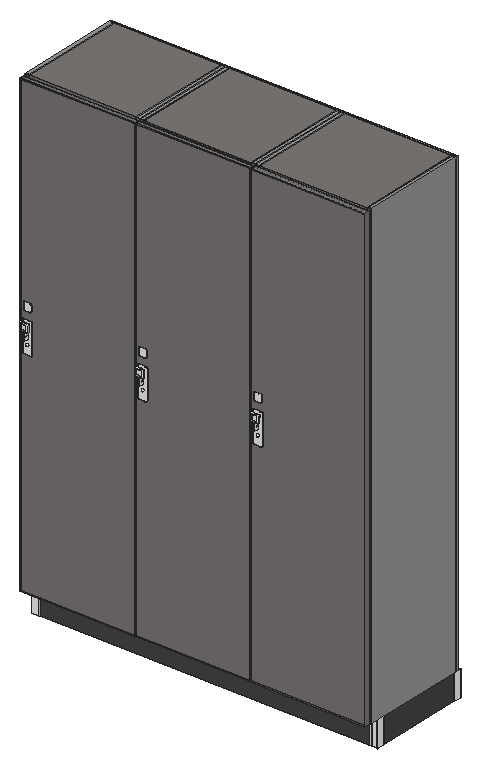
Revit family "Wood_Lockers_Hasps-Salsbury_Industries-18_41000_Series-3_Wide_Units", category Specialty Equipment, Revit 2026
Family settings
  Round Connector Dimension = Use Diameter
  Part Type = Normal
  Classification Number = 23.40.00.00
  Work Plane-Based = No
  Enable Cutting in Views = No
  Always vertical = Yes
  Cut with Voids When Loaded = No
  Maintain Annotation Orientation = No
  Shared = No
  Room Calculation Point = No
Parameters (values of type "18-41368")
  Width = 54.000"
  Version = "1.0 (01/31/24)"
  Unit Height including Sloping Hood Only [instance] = 78.868"
  Unit Height including Base Only [instance] = 76.000"
  URL = "www.lockers.com"
  Type Comments = "Premier Wood Lockers - Single Tier - with Hasps"
  Total Doors Height [instance] = if(Unit Height = 72.000", 71.750", if(Unit Height = 60.000", 59.750", 0.000"))  # 71.750"
  Sloping Top Corner Filler - Right Side [instance] = Wood Locker Sloping Corner Fillers : None
  Sloping Top Corner Filler - Left Side [instance] = Wood Locker Sloping Corner Fillers : None
  Sloping In-Line Filler - Right Side [instance] = Wood Locker Sloping In-Line Fillers : None
  Sloping In-Line Filler - Left Side = Wood Locker Sloping In-Line Fillers : None
  Sloping Hood Height = if(Depth = 15.000", 5.743", if(Depth = 18.000", 6.868", if(Depth = 21.000", 7.993", if(Depth = 24.000", 9.118", 0.000"))))  # 6.868"
  Sloping Hood [instance] = Wood Locker Sloping Hoods : None
  Side Panel without Slope - Right Side [instance] = Wood Locker Side Panels-No Slope : None
  Side Panel without Slope - Left Side [instance] = Wood Locker Side Panels-No Slope : None
  Side Panel with Slope - Right Side [instance] = Wood Locker Side Panels-With Slope : None
  Side Panel with Slope - Left Side [instance] = Wood Locker Side Panels-With Slope : None
  Secondary Structure Materials = Particle Board Industrial Grade - Salsbury Finish - Black Melamine Overlay
  Primary Structure Materials = Particle Board Industrial Grade - Salsbury Finish - Plain
  Overall Unit Height including Base and Sloping Hood [instance] = 82.868"
  OmniClass 23 Title = "Equipment and Furnishings"
  OmniClass 23 Number = "23.40.00.00"
  Model = "18-41368"
  MasterFormat Title = "Lockers"
  MasterFormat Code = "10 51 23"
  Manufacturer = "Salsbury Industries"
  Laminate Surface [instance] = Industrial Grade Particleboard with Wood Laminate - Salsbury Finish - Skyline Walnut
  Unit Height = 72.000"
  Interior Material = Textured Melamine - Salsbury Finish - White
  Individual Door Width [instance] = 17.875"
  Hardware = Aluminum - Salsbury Finish - Black Satin
  Front Vertical Filler - Right Side [instance] = Wood Locker Front Fillers : None
  Front Vertical Filler - Left Side [instance] = Wood Locker Front Fillers : None
  Front Corner Filler - Right Side [instance] = Wood Locker Front Corner Filler : None
  Front Corner Filler - Left Side [instance] = Wood Locker Front Corner Filler : None
  Flat Top In-Line Filler - Right Side [instance] = Wood Locker Flat In-Line Fillers : None
  Flat Top In-Line Filler - Left Side [instance] = Wood Locker Flat In-Line Fillers : None
  Flat Top Corner Filler - Right Side [instance] = Wood Locker Flat Corner Fillers : None
  Flat Top Corner Filler - Left Side [instance] = Wood Locker Flat Corner Fillers : None
  Fascia Filler [instance] = Wood Locker Fascia Fillers : None
  Double Side Panel without Slope - Right Side [instance] = Wood Locker Double Side Panels-No Slope : None
  Double Side Panel without Slope - Left Side [instance] = Wood Locker Double Side Panels-No Slope : None
  Double Side Panel with Slope - Right Side [instance] = Wood Locker Double Side Panels-With Slope : None
  Double Side Panel with Slope - Left Side [instance] = Wood Locker Double Side Panels-With Slope : None
  Door Location D1 = Premier Locker Doors_Hasp : Single Tier Door for Six Foot High Locker
  Description = "3 Wide - 6 Feet High - 18 inches Deep - with Base"
  Depth = 18.000"
  Default Elevation = 0.000"
  Compartment Width [instance] = 16.750"
  Compartment Height [instance] = if(Unit Height = 72.000", 70.500", if(Unit Height = 60.000", 58.500", 0.000"))  # 70.500"
  Compartment Depth [instance] = 16.750"
  Base Material [instance] = Particle Board Industrial Grade - Salsbury Finish - Black Melamine Overlay
  Base Height = 4.000"
  Base Depth [instance] = 16.250"
  Base = Wood Locker Bases : Base - 54" W x 18" D Lockers
  Assembly Code = "C1030310"
Reference planes (in)
  plane 1 "Center (Front/Back)": y = 0
  plane 2: z = 0
  plane 3 "Center (Left/Right)": x = 0
  plane 4 "Right Side of Unit": x = 27
  plane 5 "Left Side of Unit": x = -27
  plane 6 "Back of Unit": y = 9
  plane 7 "Front of Unit": y = -9
  plane 8 "Bottom of Base": z = 0
  plane 9 "Top Edge of Unit": z = 76
  plane 10 "Top of Base Edge": z = 4
  plane 11: z = 82.868
  plane 12 "Right Compartment 3 Edge": x = 26.406
  plane 13 "Left Compartment 1 Edge": x = -26.406
  plane 14 "Front Melamine Edge": y = -8
  plane 15 "Back Compartment Edge": y = 8.781
  plane 16 "Front Compartment Edge": y = -7.969
  plane 17 "Front Edge of Base": y = -6.625
  plane 18 "Bottom Edge of Door": z = 4.125
  plane 19 "Top Edge of Door": z = 75.875
  plane 20 "Bottom Compartment Edge": z = 4.75
  plane 21 "Top Compartment Edge": z = 75.25
  plane 22 "Center Top and Bottom": z = 40
  plane 23 "Left Melamine 1 Edge": x = -26.375
  plane 24 "Right Melamine 3 Edge": x = 26.375
  plane 25 "Back Melamine Edge": y = 8.75
  plane 26 "Left Edge of Door": x = -26.875
  plane 27: y = 9.625
  plane 28: y = -7.25
  plane 29 "Base / Ventillation Alignment": y = 9.625
  plane 30 "Compartment 1-2 Dividing Line": x = -9
  plane 31 "Compartment 2-3 Dividing Line": x = 9
  plane 32 "Right Compartment 1 Edge": x = -9.594
  plane 33 "Right Melamine 1 Edge": x = -9.625
  plane 34 "Left Compartment 2 Edge": x = -8.406
  plane 35 "Left Melamine 2 Edge": x = -8.375
  plane 36 "Right Compartment 2 Edge": x = 8.406
  plane 37 "Right Melamine 2 Edge": x = 8.375
  plane 38 "Left Compartment 3 Edge": x = 9.594
  plane 39 "Left Melamine 3 Edge": x = 9.625
  plane 40 "Compartment Shelf-top": z = 64.125
  plane 41 "Compartment Shelf-bottom": z = 63.375
  plane 42 "Compartment Extrusion Guide": z = 3.5
  plane 43 "Vertical Center of Compartment 1": x = -18
  plane 44 "Vertical Center of Compartment 3": x = 18
  plane 45: z = 75.281
  plane 46: z = 4.719
  plane 47: z = 63.406
  plane 48: z = 64.094
  plane 49 "Top of 5" Shelf": z = 58.875
  plane 50 "Bottom of 5" Shelf": z = 58.125
  plane 51 "Top of Shoe Shelf": z = 13.75
  plane 52 "Bottom of Shoe Shelf": z = 13
  plane 53 "Front of 5" Shelf": y = 3.75
  plane 54: y = 3.781
  plane 55: z = 58.844
  plane 56: z = 58.156
  plane 57: y = -2.969
  plane 58 "Front of Shoe Shelf": y = -3
Forms (in)
  Extrusion 1, solid, material "Particle Board Industrial Grade - Salsbury Finish - Plain" <- "Primary Structure Materials"
    sketch origin (27, 0, 0) x (0, -1, 0) y (0, 0, 1)
      loop
        line (7.969, 76) -> (-8.75, 76) -> (-8.75, 4) -> (7.969, 4) -> (7.969, 76)
    from 0 to 0.594
  Extrusion 2, solid, material "Particle Board Industrial Grade - Salsbury Finish - Plain" <- "Primary Structure Materials"
    sketch origin (-27, 0, 0) x (0, -1, 0) y (0, 0, 1)
      loop
        line (-8.75, 76) -> (-8.75, 4) -> (7.969, 4) -> (7.969, 76) -> (-8.75, 76)
    from 0 to -0.594
  Extrusion 3, solid, material "Particle Board Industrial Grade - Salsbury Finish - Black Melamine Overlay" <- "Secondary Structure Materials"
    sketch origin (0, 0, 4) x (0, -1, 0) y (1, 0, 0)
      loop
        line (-8.75, -26.375) -> (7.969, -26.375) -> (7.969, 26.375) -> (-8.75, 26.375) -> (-8.75, -26.375)
    from 0 to 0.719
  Extrusion 4, solid, material "Industrial Grade Particleboard with Wood Laminate - Salsbury Finish - Skyline Walnut" <- "Laminate Surface"
    sketch origin (0, 0, 76) x (0, -1, 0) y (1, 0, 0)
      loop
        line (-8.75, -26.375) -> (7.969, -26.375) -> (7.969, 26.375) -> (-8.75, 26.375) -> (-8.75, -26.375)
    from 0 to -0.75
  Extrusion 5, solid, material "Particle Board Industrial Grade - Salsbury Finish - Plain" <- "Primary Structure Materials"
    sketch origin (0, 9, 0) x (1, 0, 0) y (0, 0, 1)
      loop
        line (-27, 76) -> (-27, 4) -> (27, 4) -> (27, 76) -> (-27, 76)
    from 0 to 0.219
  Extrusion 6, solid, material "Industrial Grade Particleboard with Wood Laminate - Salsbury Finish - Skyline Walnut" <- "Laminate Surface"
    sketch origin (0, -7.969, 0) x (1, 0, 0) y (0, 0, 1)
      loop
        line (-27, 76) -> (-27, 4) -> (-26.375, 4) -> (-26.375, 76) -> (-27, 76)
    from 0 to 0.031
  Extrusion 7, solid, material "Industrial Grade Particleboard with Wood Laminate - Salsbury Finish - Skyline Walnut" <- "Laminate Surface"
    sketch origin (0, -7.969, 0) x (-1, 0, 0) y (0, 0, -1)
      loop
        line (-27, -76) -> (-26.375, -76) -> (-26.375, -4) -> (-27, -4) -> (-27, -76)
    from 0 to 0.031
  Extrusion 8, solid, material "Textured Melamine - Salsbury Finish - White" <- "Interior Material"
    sketch origin (0, 8.75, 0) x (1, 0, 0) y (0, 0, 1)
      loop
        line (-27, 76) -> (-27, 4) -> (27, 4) -> (27, 76) -> (-27, 76)
    from -0.031 to 0
  Extrusion 9, solid, material "Textured Melamine - Salsbury Finish - White" <- "Interior Material"
    sketch origin (-26.406, 0, 0) x (0, -1, 0) y (0, 0, 1)
      loop
        line (-8.75, 76) -> (-8.75, 4) -> (7.969, 4) -> (7.969, 76) -> (-8.75, 76)
    from 0 to -0.031
  Extrusion 10, solid, material "Textured Melamine - Salsbury Finish - White" <- "Interior Material"
    sketch origin (26.406, 0, 0) x (0, -1, 0) y (0, 0, 1)
      loop
        line (7.969, 76) -> (-8.75, 76) -> (-8.75, 4) -> (7.969, 4) -> (7.969, 76)
    from 0 to 0.031
  Extrusion 11, solid, material "Particle Board Industrial Grade - Salsbury Finish - Plain" <- "Primary Structure Materials", detail levels fine
    sketch origin (0, 0, 64.125) x (0, -1, 0) y (1, 0, 0)
      loop
        line (-8.75, -26.375) -> (7.969, -26.375) -> (7.969, 26.375) -> (-8.75, 26.375) -> (-8.75, -26.375)
    from -0.031 to -0.719
  Extrusion 12, void
    sketch origin (0, 0, 76) x (0, -1, 0) y (1, 0, 0)
      loop
        line (-8.75, -9.625) -> (8, -9.625) -> (8, -8.375) -> (-8.75, -8.375) -> (-8.75, -9.625)
    from -72.5 to 0
  Extrusion 13, void
    sketch origin (12, 0, 76) x (0, -1, 0) y (1, 0, 0)
      loop
        line (-8.75, -3.625) -> (8, -3.625) -> (8, -2.375) -> (-8.75, -2.375) -> (-8.75, -3.625)
    from -72.5 to 0
  Extrusion 14, solid, material "Particle Board Industrial Grade - Salsbury Finish - Plain" <- "Primary Structure Materials"
    sketch origin (6.0625, 0, 0) x (0, -1, 0) y (0, 0, 1)
      loop
        line (7.969, 76) -> (-8.75, 76) -> (-8.75, 4) -> (7.969, 4) -> (7.969, 76)
    from -2.9375 to -2.3435
  Extrusion 15, solid, material "Textured Melamine - Salsbury Finish - White" <- "Interior Material"
    sketch origin (5.4685, 0, 0) x (0, -1, 0) y (0, 0, 1)
      loop
        line (7.969, 76) -> (-8.75, 76) -> (-8.75, 4) -> (7.969, 4) -> (7.969, 76)
    from -2.9375 to -2.9065
  Extrusion 16, solid, material "Particle Board Industrial Grade - Salsbury Finish - Plain" <- "Primary Structure Materials"
    sketch origin (-5.9375, 0, 0) x (0, -1, 0) y (0, 0, 1)
      loop
        line (7.969, 76) -> (-8.75, 76) -> (-8.75, 4) -> (7.969, 4) -> (7.969, 76)
    from 3.0625 to 3.6565
  Extrusion 17, solid, material "Textured Melamine - Salsbury Finish - White" <- "Interior Material"
    sketch origin (-6.5315, 0, 0) x (0, -1, 0) y (0, 0, 1)
      loop
        line (7.969, 76) -> (-8.75, 76) -> (-8.75, 4) -> (7.969, 4) -> (7.969, 76)
    from 3.0625 to 3.0935
  Extrusion 18, solid, material "Particle Board Industrial Grade - Salsbury Finish - Plain" <- "Primary Structure Materials"
    sketch origin (-5.9375, 0, 0) x (0, -1, 0) y (0, 0, 1)
      loop
        line (-8.75, 76) -> (-8.75, 4) -> (7.969, 4) -> (7.969, 76) -> (-8.75, 76)
    from 3.0625 to 2.4685
  Extrusion 19, solid, material "Textured Melamine - Salsbury Finish - White" <- "Interior Material"
    sketch origin (-5.3435, 0, 0) x (0, -1, 0) y (0, 0, 1)
      loop
        line (-8.75, 76) -> (-8.75, 4) -> (7.969, 4) -> (7.969, 76) -> (-8.75, 76)
    from 3.0625 to 3.0315
  Extrusion 20, solid, material "Particle Board Industrial Grade - Salsbury Finish - Plain" <- "Primary Structure Materials"
    sketch origin (6.0625, 0, 0) x (0, -1, 0) y (0, 0, 1)
      loop
        line (-8.75, 76) -> (-8.75, 4) -> (7.969, 4) -> (7.969, 76) -> (-8.75, 76)
    from -2.9375 to -3.5315
  Extrusion 21, solid, material "Textured Melamine - Salsbury Finish - White" <- "Interior Material"
    sketch origin (6.6565, 0, 0) x (0, -1, 0) y (0, 0, 1)
      loop
        line (-8.75, 76) -> (-8.75, 4) -> (7.969, 4) -> (7.969, 76) -> (-8.75, 76)
    from -2.9375 to -2.9685
  Extrusion 22, solid, material "Industrial Grade Particleboard with Wood Laminate - Salsbury Finish - Skyline Walnut" <- "Laminate Surface"
    sketch origin (11.375, -7.969, 0) x (1, 0, 0) y (0, 0, 1)
      loop
        line (-21, 76) -> (-21, 4) -> (-19.75, 4) -> (-19.75, 76) -> (-21, 76)
    from 0 to 0.031
  Extrusion 23, solid, material "Industrial Grade Particleboard with Wood Laminate - Salsbury Finish - Skyline Walnut" <- "Laminate Surface"
    sketch origin (23.375, -7.969, 0) x (1, 0, 0) y (0, 0, 1)
      loop
        line (-15, 76) -> (-15, 4) -> (-13.75, 4) -> (-13.75, 76) -> (-15, 76)
    from 0 to 0.031
  Extrusion 24, solid, material "Industrial Grade Particleboard with Wood Laminate - Salsbury Finish - Skyline Walnut" <- "Laminate Surface"
    sketch origin (0, -8, 0) x (1, 0, 0) y (0, 0, 1)
      loop
        line (-26.375, 76) -> (-26.375, 75.25) -> (-9.625, 75.25) -> (-9.625, 76) -> (-26.375, 76)
      loop
        line (-8.375, 76) -> (-8.375, 75.25) -> (8.375, 75.25) -> (8.375, 76) -> (-8.375, 76)
      loop
        line (9.625, 76) -> (9.625, 75.25) -> (26.375, 75.25) -> (26.375, 76) -> (9.625, 76)
    from -0.031 to 0
  Extrusion 25, solid, material "Industrial Grade Particleboard with Wood Laminate - Salsbury Finish - Skyline Walnut" <- "Laminate Surface"
    sketch origin (0, -8, -11.875) x (1, 0, 0) y (0, 0, 1)
      loop
        line (-26.375, 76) -> (-26.375, 75.25) -> (-9.625, 75.25) -> (-9.625, 76) -> (-26.375, 76)
      loop
        line (-8.375, 76) -> (-8.375, 75.25) -> (8.375, 75.25) -> (8.375, 76) -> (-8.375, 76)
      loop
        line (9.625, 76) -> (9.625, 75.25) -> (26.375, 75.25) -> (26.375, 76) -> (9.625, 76)
    from -0.031 to 0
  Extrusion 26, solid, material "Industrial Grade Particleboard with Wood Laminate - Salsbury Finish - Skyline Walnut" <- "Laminate Surface"
    sketch origin (0, -8, -71.25) x (1, 0, 0) y (0, 0, 1)
      loop
        line (-26.375, 76) -> (-26.375, 75.25) -> (-9.625, 75.25) -> (-9.625, 76) -> (-26.375, 76)
      loop
        line (-8.375, 76) -> (-8.375, 75.25) -> (8.375, 75.25) -> (8.375, 76) -> (-8.375, 76)
      loop
        line (9.625, 76) -> (9.625, 75.25) -> (26.375, 75.25) -> (26.375, 76) -> (9.625, 76)
    from -0.031 to 0
  Extrusion 27, solid, material "Textured Melamine - Salsbury Finish - White" <- "Interior Material"
    sketch origin (0, 0, 4.75) x (0, -1, 0) y (1, 0, 0)
      loop
        line (-8.75, -26.375) -> (7.969, -26.375) -> (7.969, 26.375) -> (-8.75, 26.375) -> (-8.75, -26.375)
    from -0.031 to 0
  Extrusion 28, solid, material "Textured Melamine - Salsbury Finish - White" <- "Interior Material"
    sketch origin (0, 0, 64.125) x (0, -1, 0) y (1, 0, 0)
      loop
        line (-8.75, -26.375) -> (7.969, -26.375) -> (7.969, 26.375) -> (-8.75, 26.375) -> (-8.75, -26.375)
    from -0.031 to 0
  Extrusion 29, solid, material "Textured Melamine - Salsbury Finish - White" <- "Interior Material"
    sketch origin (0, 0, 63.375) x (0, -1, 0) y (1, 0, 0)
      loop
        line (-8.75, -26.375) -> (7.969, -26.375) -> (7.969, 26.375) -> (-8.75, 26.375) -> (-8.75, -26.375)
    from 0 to 0.031
  Extrusion 30, solid, material "Particle Board Industrial Grade - Salsbury Finish - Plain" <- "Primary Structure Materials", detail levels fine
    sketch origin (0, 0, 58.875) x (0, -1, 0) y (1, 0, 0)
      loop
        line (-8.75, -26.375) -> (-3.781, -26.375) -> (-3.781, 26.375) -> (-8.75, 26.375) -> (-8.75, -26.375)
    from -0.031 to -0.719
  Extrusion 31, solid, material "Industrial Grade Particleboard with Wood Laminate - Salsbury Finish - Skyline Walnut" <- "Laminate Surface"
    sketch origin (0, 3.75, 0) x (1, 0, 0) y (0, 0, 1)
      loop
        line (-26.375, 58.875) -> (-26.375, 58.125) -> (-9.625, 58.125) -> (-9.625, 58.875) -> (-26.375, 58.875)
      loop
        line (-8.375, 58.875) -> (-8.375, 58.125) -> (8.375, 58.125) -> (8.375, 58.875) -> (-8.375, 58.875)
      loop
        line (9.625, 58.875) -> (9.625, 58.125) -> (26.375, 58.125) -> (26.375, 58.875) -> (9.625, 58.875)
    from -0.031 to 0
  Extrusion 32, solid, material "Textured Melamine - Salsbury Finish - White" <- "Interior Material"
    sketch origin (0, 0, 58.875) x (0, -1, 0) y (1, 0, 0)
      loop
        line (-8.75, -26.375) -> (-3.781, -26.375) -> (-3.781, 26.375) -> (-8.75, 26.375) -> (-8.75, -26.375)
    from -0.031 to 0
  Extrusion 33, solid, material "Textured Melamine - Salsbury Finish - White" <- "Interior Material"
    sketch origin (0, 0, 58.125) x (0, -1, 0) y (1, 0, 0)
      loop
        line (-8.75, -26.375) -> (-3.781, -26.375) -> (-3.781, 26.375) -> (-8.75, 26.375) -> (-8.75, -26.375)
    from 0 to 0.031
  Extrusion 34, solid, material "Particle Board Industrial Grade - Salsbury Finish - Black Melamine Overlay" <- "Secondary Structure Materials", detail levels fine
    sketch origin (0, 0, 13.75) x (0, -1, 0) y (1, 0, 0)
      loop
        line (-8.75, -26.375) -> (2.969, -26.375) -> (2.969, 26.375) -> (-8.75, 26.375) -> (-8.75, -26.375)
    from -0.031 to -0.719
  Extrusion 35, solid, material "Industrial Grade Particleboard with Wood Laminate - Salsbury Finish - Skyline Walnut" <- "Laminate Surface"
    sketch origin (0, -3, 0) x (1, 0, 0) y (0, 0, 1)
      loop
        line (-26.375, 13.75) -> (-26.375, 13) -> (-9.625, 13) -> (-9.625, 13.75) -> (-26.375, 13.75)
      loop
        line (-8.375, 13.75) -> (-8.375, 13) -> (8.375, 13) -> (8.375, 13.75) -> (-8.375, 13.75)
      loop
        line (9.625, 13.75) -> (9.625, 13) -> (26.375, 13) -> (26.375, 13.75) -> (9.625, 13.75)
    from -0.031 to 0
  Extrusion 36, solid, material "Textured Melamine - Salsbury Finish - White" <- "Interior Material"
    sketch origin (0, 0, 13.75) x (0, -1, 0) y (1, 0, 0)
      loop
        line (-8.75, -26.375) -> (2.969, -26.375) -> (2.969, 26.375) -> (-8.75, 26.375) -> (-8.75, -26.375)
    from -0.031 to 0
  Extrusion 37, solid, material "Textured Melamine - Salsbury Finish - White" <- "Interior Material"
    sketch origin (0, 0, 13) x (0, -1, 0) y (1, 0, 0)
      loop
        line (-8.75, -26.375) -> (2.969, -26.375) -> (2.969, 26.375) -> (-8.75, 26.375) -> (-8.75, -26.375)
    from 0 to 0.031
Cuts and joins
  Extrusion 12, Extrusion 13 cuts Extrusion 4
  Extrusion 12, Extrusion 13 cuts Extrusion 11
  Extrusion 12, Extrusion 13 cuts Extrusion 3
  Extrusion 13 cuts Extrusion 8
Lines and regions (in)
  symbolic lines
    curve 1: line (-27, 8.75, 76) -> (27.00006, 8.75, 76)
    curve 2: line (-27, 8.75, 0) -> (-27, 8.75, 76)
    curve 3: line (27.00006, 8.75, 76) -> (27.00006, 8.75, 0)
    curve 4: line (26.406, -8, 76) -> (26.406, 9.625, 76)
    curve 5: line (26.406, -8, 0) -> (26.406, -8, 76)
    curve 6: line (26.406, 9.625, 76) -> (26.406, 9.625, 0)
    curve 7: line (27.00006, 8.75, 0) -> (-27, 8.75, 0)
    curve 8: line (26.406, -6.625, 0) -> (26.406, 9.625, 0)
    curve 9: line (26.406, 9.625, 0) -> (26.406, -6.625, 0)
    curve 10: line (26.406, -8, 0) -> (26.406, 9.625, 0)
    curve 11: line (-27, 9.625, 0) -> (27, 9.625, 0)
    curve 12: line (-27, -8, 0) -> (-27, 9.625, 0)
    curve 13: line (27, -8, 0) -> (-27, -8, 0)
    curve 14: line (27, 9.625, 0) -> (27, -8, 0)
Dimensions and locks (in)
  equal spacing: plane 5 "Left Side of Unit", plane 43 "Vertical Center of Compartment 1", plane 30 "Compartment 1-2 Dividing Line", plane 3 "Center (Left/Right)", plane 31 "Compartment 2-3 Dividing Line", plane 44 "Vertical Center of Compartment 3", plane 4 "Right Side of Unit"
  "Width": plane 5 "Left Side of Unit" to plane 4 "Right Side of Unit"
  equal spacing: plane 7 "Front of Unit", plane 1 "Center (Front/Back)", plane 6 "Back of Unit"
  "Depth": plane 7 "Front of Unit" to plane 6 "Back of Unit"
  "Base Height": plane 10 "Top of Base Edge" to plane 8 "Bottom of Base"
  "Unit Height": plane 9 "Top Edge of Unit" to plane 10 "Top of Base Edge"
  "Sloping Hood Height": plane 11 to plane 9 "Top Edge of Unit"
  locked: plane 12 "Right Compartment 3 Edge" to plane 4 "Right Side of Unit" at 0.594
  locked: plane 5 "Left Side of Unit" to plane 13 "Left Compartment 1 Edge" at 0.594
  locked: plane 7 "Front of Unit" to plane 14 "Front Melamine Edge" at 1
  locked: plane 15 "Back Compartment Edge" to plane 6 "Back of Unit" at 0.219
  locked: plane 14 "Front Melamine Edge" to plane 16 "Front Compartment Edge" at 0.031
  plane 18 "Bottom Edge of Door" to plane 10 "Top of Base Edge" = 0.125"
  plane 9 "Top Edge of Unit" to plane 19 "Top Edge of Door" = 0.125"
  plane 20 "Bottom Compartment Edge" to plane 10 "Top of Base Edge" = 0.750"
  plane 9 "Top Edge of Unit" to plane 21 "Top Compartment Edge" = 0.750"
  equal spacing: plane 9 "Top Edge of Unit", plane 22 "Center Top and Bottom", plane 10 "Top of Base Edge"
  locked: plane 24 "Right Melamine 3 Edge" to plane 12 "Right Compartment 3 Edge" at 0.031
  locked: plane 13 "Left Compartment 1 Edge" to plane 23 "Left Melamine 1 Edge" at 0.031
  locked: plane 25 "Back Melamine Edge" to plane 15 "Back Compartment Edge" at 0.031
  locked: plane 5 "Left Side of Unit" to plane 26 "Left Edge of Door" at 0.125
  "Individual Door Width": plane 26 "Left Edge of Door" to plane 30 "Compartment 1-2 Dividing Line"
  "Total Doors Height": plane 19 "Top Edge of Door" to plane 18 "Bottom Edge of Door"
  "Unit Height including Base Only": plane 9 "Top Edge of Unit" to plane 8 "Bottom of Base"
  "Unit Height including Sloping Hood Only": plane 11 to plane 10 "Top of Base Edge"
  "Overall Unit Height including Base and Sloping Hood": plane 11 to plane 8 "Bottom of Base"
  locked: plane 7 "Front of Unit" to plane 17 "Front Edge of Base" at 2.375
  locked: plane 6 "Back of Unit" to plane 27 at 0.625
  "Base Depth": plane 17 "Front Edge of Base" to plane 27
  "Compartment Width": plane 23 "Left Melamine 1 Edge" to plane 33 "Right Melamine 1 Edge"
  "Compartment Height": plane 21 "Top Compartment Edge" to plane 20 "Bottom Compartment Edge"
  "Compartment Depth": plane 14 "Front Melamine Edge" to plane 25 "Back Melamine Edge"
  locked: plane 14 "Front Melamine Edge" to plane 28 at 0.75
  plane 14 "Front Melamine Edge" to plane 27 = 17.625"
  Extrusion 2 to Extrusion 9 = 16.719"
  plane 6 "Back of Unit" to plane 29 "Base / Ventillation Alignment" = 0.625"
  plane 32 "Right Compartment 1 Edge" to plane 30 "Compartment 1-2 Dividing Line" to plane 34 "Left Compartment 2 Edge" = 0.594" locked, 0.594" locked
  plane 36 "Right Compartment 2 Edge" to plane 31 "Compartment 2-3 Dividing Line" to plane 38 "Left Compartment 3 Edge" = 0.594" locked, 0.594" locked
  locked: plane 37 "Right Melamine 2 Edge" to plane 36 "Right Compartment 2 Edge" at 0.031
  locked: plane 38 "Left Compartment 3 Edge" to plane 39 "Left Melamine 3 Edge" at 0.031
  locked: plane 34 "Left Compartment 2 Edge" to plane 35 "Left Melamine 2 Edge" at 0.031
  plane 33 "Right Melamine 1 Edge" to plane 32 "Right Compartment 1 Edge" = 0.031"
  locked: plane 21 "Top Compartment Edge" to plane 40 "Compartment Shelf-top" at 11.125
  locked: plane 40 "Compartment Shelf-top" to plane 41 "Compartment Shelf-bottom" at 0.75
  locked: plane 10 "Top of Base Edge" to plane 42 "Compartment Extrusion Guide" at 0.5
  plane 45 to plane 21 "Top Compartment Edge" = 0.031"
  locked: plane 20 "Bottom Compartment Edge" to plane 46 at 0.031
  plane 40 "Compartment Shelf-top" to plane 48 = 0.031"
  locked: plane 47 to plane 41 "Compartment Shelf-bottom" at 0.031
  locked: plane 41 "Compartment Shelf-bottom" to plane 49 "Top of 5" Shelf" at 4.5
  locked: plane 49 "Top of 5" Shelf" to plane 50 "Bottom of 5" Shelf" at 0.75
  locked: plane 53 "Front of 5" Shelf" to plane 25 "Back Melamine Edge" at 5
  locked: plane 53 "Front of 5" Shelf" to plane 54 at 0.031
  locked: plane 49 "Top of 5" Shelf" to plane 55 at 0.031
  locked: plane 56 to plane 50 "Bottom of 5" Shelf" at 0.031
  locked: plane 58 "Front of Shoe Shelf" to plane 25 "Back Melamine Edge" at 11.75
  locked: plane 58 "Front of Shoe Shelf" to plane 57 at 0.031
  plane 51 "Top of Shoe Shelf" to plane 52 "Bottom of Shoe Shelf" = 0.750"
  locked: plane 52 "Bottom of Shoe Shelf" to plane 20 "Bottom Compartment Edge" at 8.25
  aligned and locked: level to plane 2
  aligned and locked: Extrusion 5 to plane 15 "Back Compartment Edge"
  aligned and locked: plane 4 "Right Side of Unit" to nested 1
  aligned and locked: plane 18 "Bottom Edge of Door" to nested 1
  aligned and locked: plane 7 "Front of Unit" to nested 1
  aligned and locked: plane 9 "Top Edge of Unit" to nested 2
  aligned and locked: plane 28 to nested 2
  aligned and locked: plane 28 to nested 3
  aligned and locked: plane 5 "Left Side of Unit" to nested 3
  aligned and locked: plane 4 "Right Side of Unit" to nested 2
  aligned and locked: plane 9 "Top Edge of Unit" to nested 3
  aligned and locked: plane 14 "Front Melamine Edge" to nested 4
  aligned and locked: plane 4 "Right Side of Unit" to nested 4
  aligned and locked: plane 14 "Front Melamine Edge" to nested 5
  aligned and locked: plane 5 "Left Side of Unit" to nested 5
  aligned and locked: nested 4 to plane 8 "Bottom of Base"
  aligned and locked: nested 5 to plane 8 "Bottom of Base"
  aligned and locked: nested 6 to plane 5 "Left Side of Unit"
  aligned and locked: nested 7 to plane 4 "Right Side of Unit"
  aligned and locked: nested 7 to plane 14 "Front Melamine Edge"
  aligned and locked: nested 6 to plane 14 "Front Melamine Edge"
  aligned and locked: plane 8 "Bottom of Base" to nested 7
  aligned and locked: plane 8 "Bottom of Base" to nested 6
  aligned and locked: nested 8 to plane 17 "Front Edge of Base"
  aligned and locked: nested 10 to plane 9 "Top Edge of Unit"
  aligned and locked: plane 4 "Right Side of Unit" to nested 10
  aligned and locked: nested 9 to plane 9 "Top Edge of Unit"
  aligned and locked: plane 5 "Left Side of Unit" to nested 9
  aligned and locked: nested 10 to plane 28
  aligned and locked: nested 9 to plane 28
  aligned and locked: nested 8 to plane 8 "Bottom of Base"
  aligned and locked: plane 3 "Center (Left/Right)" to nested 8
  aligned and locked: Extrusion 3 sketch curve to plane 25 "Back Melamine Edge"
  aligned and locked: Extrusion 3 sketch curve to plane 23 "Left Melamine 1 Edge"
  aligned and locked: plane 24 "Right Melamine 3 Edge" to Extrusion 3 sketch curve
  aligned and locked: Extrusion 4 sketch curve to plane 25 "Back Melamine Edge"
  aligned and locked: plane 24 "Right Melamine 3 Edge" to Extrusion 4 sketch curve
  aligned and locked: Extrusion 4 sketch curve to plane 23 "Left Melamine 1 Edge"
  aligned and locked: Extrusion 2 sketch curve to plane 9 "Top Edge of Unit"
  aligned and locked: plane 16 "Front Compartment Edge" to Extrusion 2 sketch curve
  aligned and locked: Extrusion 2 sketch curve to plane 25 "Back Melamine Edge"
  aligned and locked: plane 10 "Top of Base Edge" to Extrusion 2 sketch curve
  aligned and locked: Extrusion 2 to plane 13 "Left Compartment 1 Edge"
  aligned and locked: plane 5 "Left Side of Unit" to Extrusion 2
  aligned and locked: plane 10 "Top of Base Edge" to Extrusion 9 sketch curve
  aligned and locked: Extrusion 9 sketch curve to plane 25 "Back Melamine Edge"
  aligned and locked: Extrusion 9 sketch curve to plane 9 "Top Edge of Unit"
  aligned and locked: Extrusion 1 sketch curve to plane 16 "Front Compartment Edge"
  aligned and locked: plane 9 "Top Edge of Unit" to Extrusion 1 sketch curve
  aligned and locked: Extrusion 1 sketch curve to plane 10 "Top of Base Edge"
  aligned and locked: plane 25 "Back Melamine Edge" to Extrusion 1 sketch curve
  aligned and locked: Extrusion 1 to plane 4 "Right Side of Unit"
  aligned and locked: plane 12 "Right Compartment 3 Edge" to Extrusion 1
  aligned and locked: Extrusion 10 sketch curve to plane 10 "Top of Base Edge"
  aligned and locked: plane 25 "Back Melamine Edge" to Extrusion 10 sketch curve
  aligned and locked: Extrusion 10 sketch curve to plane 16 "Front Compartment Edge"
  aligned and locked: plane 9 "Top Edge of Unit" to Extrusion 10 sketch curve
  aligned and locked: Extrusion 10 to plane 12 "Right Compartment 3 Edge"
  aligned and locked: plane 24 "Right Melamine 3 Edge" to Extrusion 10
  aligned and locked: Extrusion 8 sketch curve to plane 10 "Top of Base Edge"
  aligned and locked: plane 4 "Right Side of Unit" to Extrusion 8 sketch curve
  aligned and locked: Extrusion 8 sketch curve to plane 9 "Top Edge of Unit"
  aligned and locked: Extrusion 8 sketch curve to plane 5 "Left Side of Unit"
  aligned and locked: Extrusion 8 to plane 15 "Back Compartment Edge"
  aligned and locked: Extrusion 8 to plane 25 "Back Melamine Edge"
  aligned and locked: Extrusion 5 sketch curve to plane 9 "Top Edge of Unit"
  aligned and locked: Extrusion 5 sketch curve to plane 5 "Left Side of Unit"
  aligned and locked: Extrusion 5 sketch curve to plane 10 "Top of Base Edge"
  aligned and locked: plane 4 "Right Side of Unit" to Extrusion 5 sketch curve
  aligned and locked: Extrusion 7 sketch curve to plane 9 "Top Edge of Unit"
  aligned and locked: Extrusion 7 sketch curve to plane 4 "Right Side of Unit"
  aligned and locked: plane 24 "Right Melamine 3 Edge" to Extrusion 7 sketch curve
  aligned and locked: plane 10 "Top of Base Edge" to Extrusion 7 sketch curve
  aligned and locked: Extrusion 7 to plane 16 "Front Compartment Edge"
  aligned and locked: plane 14 "Front Melamine Edge" to Extrusion 7
  aligned and locked: plane 10 "Top of Base Edge" to Extrusion 6 sketch curve
  aligned and locked: plane 23 "Left Melamine 1 Edge" to Extrusion 6 sketch curve
  aligned and locked: Extrusion 6 sketch curve to plane 5 "Left Side of Unit"
  aligned and locked: Extrusion 6 sketch curve to plane 9 "Top Edge of Unit"
  aligned and locked: plane 16 "Front Compartment Edge" to Extrusion 6
  aligned and locked: Extrusion 6 to plane 14 "Front Melamine Edge"
  aligned and locked: Extrusion 9 to plane 16 "Front Compartment Edge"
  aligned and locked: plane 13 "Left Compartment 1 Edge" to Extrusion 9
  aligned and locked: curve 2 to nested 5
  aligned and locked: nested 4 to curve 5
  aligned and locked: curve 9 to nested 8
  aligned and locked: curve 10 to nested 4
  aligned and locked: curve 13 to plane 14 "Front Melamine Edge"
  aligned and locked: curve 12 to plane 5 "Left Side of Unit"
  aligned and locked: curve 11 to plane 29 "Base / Ventillation Alignment"
  aligned and locked: plane 29 "Base / Ventillation Alignment" to curve 6
  aligned and locked: plane 14 "Front Melamine Edge" to nested 11
  aligned and locked: plane 9 "Top Edge of Unit" to nested 11
  aligned and locked: plane 3 "Center (Left/Right)" to nested 11
  aligned and locked: Extrusion 11 sketch curve to plane 25 "Back Melamine Edge"
  aligned and locked: Extrusion 11 sketch curve to plane 23 "Left Melamine 1 Edge"
  aligned and locked: plane 24 "Right Melamine 3 Edge" to Extrusion 11 sketch curve
  aligned and locked: Extrusion 12 sketch curve to plane 25 "Back Melamine Edge"
  aligned and locked: plane 33 "Right Melamine 1 Edge" to Extrusion 12 sketch curve
  aligned and locked: plane 14 "Front Melamine Edge" to Extrusion 12 sketch curve
  aligned and locked: Extrusion 12 sketch curve to plane 35 "Left Melamine 2 Edge"
  aligned and locked: Extrusion 12 to plane 9 "Top Edge of Unit"
  aligned and locked: plane 42 "Compartment Extrusion Guide" to Extrusion 12
  aligned and locked: Extrusion 13 sketch curve to plane 37 "Right Melamine 2 Edge"
  aligned and locked: plane 39 "Left Melamine 3 Edge" to Extrusion 13 sketch curve
  aligned and locked: plane 25 "Back Melamine Edge" to Extrusion 13 sketch curve
  aligned and locked: Extrusion 13 sketch curve to plane 14 "Front Melamine Edge"
  aligned and locked: plane 42 "Compartment Extrusion Guide" to Extrusion 13
  aligned and locked: Extrusion 13 to plane 9 "Top Edge of Unit"
  aligned and locked: plane 9 "Top Edge of Unit" to Extrusion 14 sketch curve
  aligned and locked: plane 25 "Back Melamine Edge" to Extrusion 14 sketch curve
  aligned and locked: Extrusion 14 sketch curve to plane 10 "Top of Base Edge"
  aligned and locked: Extrusion 14 sketch curve to plane 16 "Front Compartment Edge"
  aligned and locked: plane 36 "Right Compartment 2 Edge" to Extrusion 14
  aligned and locked: Extrusion 14 to plane 31 "Compartment 2-3 Dividing Line"
  aligned and locked: plane 25 "Back Melamine Edge" to Extrusion 15 sketch curve
  aligned and locked: plane 9 "Top Edge of Unit" to Extrusion 15 sketch curve
  aligned and locked: Extrusion 15 sketch curve to plane 10 "Top of Base Edge"
  aligned and locked: Extrusion 15 sketch curve to plane 16 "Front Compartment Edge"
  aligned and locked: Extrusion 15 to plane 36 "Right Compartment 2 Edge"
  aligned and locked: plane 37 "Right Melamine 2 Edge" to Extrusion 15
  aligned and locked: plane 25 "Back Melamine Edge" to Extrusion 16 sketch curve
  aligned and locked: plane 9 "Top Edge of Unit" to Extrusion 16 sketch curve
  aligned and locked: Extrusion 16 sketch curve to plane 10 "Top of Base Edge"
  aligned and locked: Extrusion 16 sketch curve to plane 16 "Front Compartment Edge"
  aligned and locked: plane 32 "Right Compartment 1 Edge" to Extrusion 16
  aligned and locked: Extrusion 16 to plane 30 "Compartment 1-2 Dividing Line"
  aligned and locked: plane 25 "Back Melamine Edge" to Extrusion 17 sketch curve
  aligned and locked: plane 9 "Top Edge of Unit" to Extrusion 17 sketch curve
  aligned and locked: Extrusion 17 sketch curve to plane 10 "Top of Base Edge"
  aligned and locked: Extrusion 17 sketch curve to plane 16 "Front Compartment Edge"
  aligned and locked: Extrusion 17 to plane 32 "Right Compartment 1 Edge"
  aligned and locked: plane 33 "Right Melamine 1 Edge" to Extrusion 17
  aligned and locked: plane 10 "Top of Base Edge" to Extrusion 18 sketch curve
  aligned and locked: plane 16 "Front Compartment Edge" to Extrusion 18 sketch curve
  aligned and locked: Extrusion 18 sketch curve to plane 25 "Back Melamine Edge"
  aligned and locked: Extrusion 18 sketch curve to plane 9 "Top Edge of Unit"
  aligned and locked: Extrusion 18 to plane 34 "Left Compartment 2 Edge"
  aligned and locked: plane 30 "Compartment 1-2 Dividing Line" to Extrusion 18
  aligned and locked: Extrusion 19 sketch curve to plane 25 "Back Melamine Edge"
  aligned and locked: Extrusion 19 sketch curve to plane 9 "Top Edge of Unit"
  aligned and locked: plane 10 "Top of Base Edge" to Extrusion 19 sketch curve
  aligned and locked: plane 16 "Front Compartment Edge" to Extrusion 19 sketch curve
  aligned and locked: Extrusion 19 to plane 35 "Left Melamine 2 Edge"
  aligned and locked: plane 34 "Left Compartment 2 Edge" to Extrusion 19
  aligned and locked: plane 16 "Front Compartment Edge" to Extrusion 20 sketch curve
  aligned and locked: plane 10 "Top of Base Edge" to Extrusion 20 sketch curve
  aligned and locked: Extrusion 20 sketch curve to plane 9 "Top Edge of Unit"
  aligned and locked: Extrusion 20 sketch curve to plane 25 "Back Melamine Edge"
  aligned and locked: plane 31 "Compartment 2-3 Dividing Line" to Extrusion 20
  aligned and locked: Extrusion 20 to plane 38 "Left Compartment 3 Edge"
  aligned and locked: Extrusion 21 sketch curve to plane 25 "Back Melamine Edge"
  aligned and locked: Extrusion 21 sketch curve to plane 9 "Top Edge of Unit"
  aligned and locked: plane 10 "Top of Base Edge" to Extrusion 21 sketch curve
  aligned and locked: plane 16 "Front Compartment Edge" to Extrusion 21 sketch curve
  aligned and locked: Extrusion 21 to plane 39 "Left Melamine 3 Edge"
  aligned and locked: plane 38 "Left Compartment 3 Edge" to Extrusion 21
  aligned and locked: plane 31 "Compartment 2-3 Dividing Line" to nested 12
  aligned and locked: plane 30 "Compartment 1-2 Dividing Line" to nested 13
  aligned and locked: plane 18 "Bottom Edge of Door" to nested 12
  aligned and locked: nested 13 to plane 18 "Bottom Edge of Door"
  aligned and locked: plane 7 "Front of Unit" to nested 12
  aligned and locked: nested 13 to plane 7 "Front of Unit"
  aligned and locked: Extrusion 22 sketch curve to plane 33 "Right Melamine 1 Edge"
  aligned and locked: plane 9 "Top Edge of Unit" to Extrusion 22 sketch curve
  aligned and locked: plane 35 "Left Melamine 2 Edge" to Extrusion 22 sketch curve
  aligned and locked: Extrusion 22 sketch curve to plane 10 "Top of Base Edge"
  aligned and locked: Extrusion 22 to plane 16 "Front Compartment Edge"
  aligned and locked: plane 14 "Front Melamine Edge" to Extrusion 22
  aligned and locked: plane 9 "Top Edge of Unit" to Extrusion 23 sketch curve
  aligned and locked: Extrusion 23 sketch curve to plane 37 "Right Melamine 2 Edge"
  aligned and locked: plane 39 "Left Melamine 3 Edge" to Extrusion 23 sketch curve
  aligned and locked: Extrusion 23 sketch curve to plane 10 "Top of Base Edge"
  aligned and locked: Extrusion 23 to plane 16 "Front Compartment Edge"
  aligned and locked: plane 14 "Front Melamine Edge" to Extrusion 23
  aligned and locked: Extrusion 4 to plane 16 "Front Compartment Edge"
  aligned and locked: Extrusion 11 to plane 16 "Front Compartment Edge"
  aligned and locked: Extrusion 3 to plane 16 "Front Compartment Edge"
  aligned and locked: Extrusion 24 sketch curve to cut or joined group of Extrusion 4, Extrusion 12, Extrusion 13  (x5)
  aligned and locked: Extrusion 24 sketch curve to plane 23 "Left Melamine 1 Edge"
  aligned and locked: Extrusion 24 sketch curve to plane 35 "Left Melamine 2 Edge"
  aligned and locked: plane 9 "Top Edge of Unit" to Extrusion 24 sketch curve
  aligned and locked: Extrusion 24 sketch curve to plane 39 "Left Melamine 3 Edge"
  aligned and locked: Extrusion 24 to plane 16 "Front Compartment Edge"
  aligned and locked: Extrusion 24 to plane 14 "Front Melamine Edge"
  aligned and locked: Extrusion 25 sketch curve to plane 23 "Left Melamine 1 Edge"
  aligned and locked: Extrusion 25 sketch curve to plane 40 "Compartment Shelf-top"
  aligned and locked: Extrusion 25 sketch curve to plane 41 "Compartment Shelf-bottom"  (x3)
  aligned and locked: plane 33 "Right Melamine 1 Edge" to Extrusion 25 sketch curve
  aligned and locked: Extrusion 25 sketch curve to plane 35 "Left Melamine 2 Edge"
  aligned and locked: plane 40 "Compartment Shelf-top" to Extrusion 25 sketch curve  (x2)
  aligned and locked: plane 37 "Right Melamine 2 Edge" to Extrusion 25 sketch curve
  aligned and locked: Extrusion 25 sketch curve to plane 39 "Left Melamine 3 Edge"
  aligned and locked: plane 24 "Right Melamine 3 Edge" to Extrusion 25 sketch curve
  aligned and locked: Extrusion 26 sketch curve to plane 23 "Left Melamine 1 Edge"
  aligned and locked: Extrusion 26 sketch curve to plane 20 "Bottom Compartment Edge"
  aligned and locked: Extrusion 26 sketch curve to plane 10 "Top of Base Edge"  (x3)
  aligned and locked: plane 33 "Right Melamine 1 Edge" to Extrusion 26 sketch curve
  aligned and locked: Extrusion 26 sketch curve to plane 35 "Left Melamine 2 Edge"
  aligned and locked: plane 20 "Bottom Compartment Edge" to Extrusion 26 sketch curve  (x2)
  aligned and locked: plane 37 "Right Melamine 2 Edge" to Extrusion 26 sketch curve
  aligned and locked: plane 24 "Right Melamine 3 Edge" to Extrusion 26 sketch curve
  aligned and locked: Extrusion 24 sketch curve to plane 21 "Top Compartment Edge"
  aligned and locked: Extrusion 27 sketch curve to cut or joined group of Extrusion 4, Extrusion 12, Extrusion 13  (x2)
  aligned and locked: Extrusion 27 sketch curve to Extrusion 9
  aligned and locked: Extrusion 27 sketch curve to Extrusion 10
  aligned and locked: Extrusion 27 to plane 46
  aligned and locked: Extrusion 27 to plane 20 "Bottom Compartment Edge"
  aligned and locked: Extrusion 3 to plane 46
  aligned and locked: Extrusion 28 sketch curve to cut or joined group of Extrusion 4, Extrusion 12, Extrusion 13
  aligned and locked: Extrusion 28 sketch curve to Extrusion 10
  aligned and locked: Extrusion 28 sketch curve to plane 25 "Back Melamine Edge"
  aligned and locked: Extrusion 28 sketch curve to plane 23 "Left Melamine 1 Edge"
  aligned and locked: Extrusion 28 to plane 48
  aligned and locked: Extrusion 28 to plane 40 "Compartment Shelf-top"
  aligned and locked: Extrusion 11 to plane 48
  aligned and locked: Extrusion 11 to plane 47
  aligned and locked: Extrusion 29 sketch curve to cut or joined group of Extrusion 4, Extrusion 12, Extrusion 13  (x2)
  aligned and locked: Extrusion 29 sketch curve to Extrusion 9
  aligned and locked: Extrusion 29 sketch curve to Extrusion 10
  aligned and locked: Extrusion 29 to plane 41 "Compartment Shelf-bottom"
  aligned and locked: Extrusion 29 to cut or joined group of Extrusion 11, Extrusion 12, Extrusion 13
  aligned and locked: Extrusion 33 to plane 54
  aligned and locked: Extrusion 33 to Extrusion 32
  aligned and locked: Extrusion 32 to Extrusion 30
  aligned and locked: Extrusion 31 to Extrusion 30
  aligned and locked: Extrusion 31 to plane 53 "Front of 5" Shelf"
  aligned and locked: Extrusion 31 sketch curve to plane 49 "Top of 5" Shelf"
  aligned and locked: Extrusion 31 sketch curve to plane 23 "Left Melamine 1 Edge"
  aligned and locked: Extrusion 31 sketch curve to plane 50 "Bottom of 5" Shelf"
  aligned and locked: plane 24 "Right Melamine 3 Edge" to Extrusion 31 sketch curve
  aligned and locked: Extrusion 32 to plane 25 "Back Melamine Edge"
  aligned and locked: plane 23 "Left Melamine 1 Edge" to Extrusion 32
  aligned and locked: Extrusion 32 to plane 24 "Right Melamine 3 Edge"
  aligned and locked: Extrusion 30 to plane 24 "Right Melamine 3 Edge"
  aligned and locked: Extrusion 30 to plane 25 "Back Melamine Edge"
  aligned and locked: plane 23 "Left Melamine 1 Edge" to Extrusion 30
  aligned and locked: plane 23 "Left Melamine 1 Edge" to Extrusion 33
  aligned and locked: Extrusion 33 to plane 25 "Back Melamine Edge"
  aligned and locked: Extrusion 33 to plane 24 "Right Melamine 3 Edge"
  aligned and locked: Extrusion 36 to plane 25 "Back Melamine Edge"
  aligned and locked: plane 23 "Left Melamine 1 Edge" to Extrusion 36
  aligned and locked: Extrusion 36 to plane 24 "Right Melamine 3 Edge"
  aligned and locked: Extrusion 36 to plane 57
  aligned and locked: Extrusion 34 to Extrusion 36
  aligned and locked: Extrusion 34 to Extrusion 37
  aligned and locked: Extrusion 37 to plane 24 "Right Melamine 3 Edge"
  aligned and locked: Extrusion 37 to plane 25 "Back Melamine Edge"
  aligned and locked: plane 23 "Left Melamine 1 Edge" to Extrusion 37
  aligned and locked: plane 23 "Left Melamine 1 Edge" to Extrusion 34
  aligned and locked: Extrusion 34 to plane 25 "Back Melamine Edge"
  aligned and locked: Extrusion 34 to plane 24 "Right Melamine 3 Edge"
  aligned and locked: Extrusion 35 to plane 58 "Front of Shoe Shelf"
  aligned and locked: Extrusion 35 to Extrusion 34
  aligned and locked: Extrusion 35 sketch curve to plane 51 "Top of Shoe Shelf"
  aligned and locked: Extrusion 35 sketch curve to plane 52 "Bottom of Shoe Shelf"
  aligned and locked: Extrusion 35 sketch curve to plane 23 "Left Melamine 1 Edge"
  aligned and locked: plane 24 "Right Melamine 3 Edge" to Extrusion 35 sketch curve
  aligned and locked: plane 14 "Front Melamine Edge" to nested 14
  aligned and locked: plane 3 "Center (Left/Right)" to nested 14
  aligned and locked: plane 9 "Top Edge of Unit" to nested 14
  aligned and locked: plane 5 "Left Side of Unit" to nested 15
  aligned and locked: nested 15 to plane 10 "Top of Base Edge"
  aligned and locked: plane 14 "Front Melamine Edge" to nested 15
  aligned and locked: nested 16 to plane 10 "Top of Base Edge"
  aligned and locked: plane 4 "Right Side of Unit" to nested 16
  aligned and locked: plane 14 "Front Melamine Edge" to nested 16
  aligned and locked: plane 5 "Left Side of Unit" to nested 17
  aligned and locked: nested 17 to plane 10 "Top of Base Edge"
  aligned and locked: plane 14 "Front Melamine Edge" to nested 17
  aligned and locked: nested 18 to plane 10 "Top of Base Edge"
  aligned and locked: plane 4 "Right Side of Unit" to nested 18
  aligned and locked: plane 14 "Front Melamine Edge" to nested 18
  aligned and locked: plane 5 "Left Side of Unit" to nested 19
  aligned and locked: nested 19 to plane 10 "Top of Base Edge"
  aligned and locked: plane 14 "Front Melamine Edge" to nested 19
  aligned and locked: plane 4 "Right Side of Unit" to nested 20
  aligned and locked: nested 20 to plane 10 "Top of Base Edge"
  aligned and locked: plane 14 "Front Melamine Edge" to nested 20
  aligned and locked: plane 5 "Left Side of Unit" to nested 21
  aligned and locked: nested 21 to plane 10 "Top of Base Edge"
  aligned and locked: plane 14 "Front Melamine Edge" to nested 21
  aligned and locked: plane 4 "Right Side of Unit" to nested 22
  aligned and locked: nested 22 to plane 10 "Top of Base Edge"
  aligned and locked: plane 14 "Front Melamine Edge" to nested 22
  aligned and locked: plane 5 "Left Side of Unit" to nested 23
  aligned and locked: nested 23 to plane 9 "Top Edge of Unit"
  aligned and locked: plane 4 "Right Side of Unit" to nested 24
  aligned and locked: nested 24 to plane 9 "Top Edge of Unit"
  aligned and locked: nested 24 to plane 14 "Front Melamine Edge"
  aligned and locked: plane 5 "Left Side of Unit" to nested 25
  aligned and locked: nested 25 to plane 9 "Top Edge of Unit"
  aligned and locked: nested 25 to plane 14 "Front Melamine Edge"
  aligned and locked: nested 26 to plane 9 "Top Edge of Unit"
  aligned and locked: plane 4 "Right Side of Unit" to nested 26
  aligned and locked: nested 26 to plane 14 "Front Melamine Edge"
  aligned and locked: nested 23 to plane 14 "Front Melamine Edge"
  aligned and locked: Extrusion 4 to plane 21 "Top Compartment Edge"
Automatic sketch dimensions
  plane 16 "Front Compartment Edge" to Extrusion 3 sketch curve = 0.000"
  plane 16 "Front Compartment Edge" to Extrusion 4 sketch curve = 0.000"
  Extrusion 9 sketch curve to plane 16 "Front Compartment Edge" = 0.000"
  curve 3 to level = 0.000"
  curve 3 to plane 4 "Right Side of Unit" = 0.00006"
  curve 8 to plane 17 "Front Edge of Base" = 0.000"
  curve 9 to plane 17 "Front Edge of Base" = 0.000"
  plane 9 "Top Edge of Unit" to curve 5 = 0.000"
  curve 13 to plane 4 "Right Side of Unit" = 0.000"
  plane 16 "Front Compartment Edge" to Extrusion 11 sketch curve = 0.000"
  Extrusion 24 sketch curve to plane 21 "Top Compartment Edge" = 0.000"  (x2)
  plane 39 "Left Melamine 3 Edge" to Extrusion 26 sketch curve = 0.000"
  plane 24 "Right Melamine 3 Edge" to Extrusion 30 sketch curve = 0.000"
  plane 25 "Back Melamine Edge" to Extrusion 30 sketch curve = 0.000"
  Extrusion 30 sketch curve to plane 16 "Front Compartment Edge" = 11.750"
  Extrusion 30 sketch curve to plane 23 "Left Melamine 1 Edge" = 0.000"
  Extrusion 34 sketch curve to plane 24 "Right Melamine 3 Edge" = 0.000"
  plane 25 "Back Melamine Edge" to Extrusion 34 sketch curve = 0.000"
  Extrusion 34 sketch curve to plane 16 "Front Compartment Edge" = 5.000"
  plane 23 "Left Melamine 1 Edge" to Extrusion 34 sketch curve = 0.000"
  Extrusion 36 sketch curve to plane 24 "Right Melamine 3 Edge" = 0.000"
  plane 25 "Back Melamine Edge" to Extrusion 36 sketch curve = 0.000"
  Extrusion 36 sketch curve to plane 16 "Front Compartment Edge" = 5.000"
  Extrusion 36 sketch curve to plane 23 "Left Melamine 1 Edge" = 0.000"
  Extrusion 37 sketch curve to plane 24 "Right Melamine 3 Edge" = 0.000"
  plane 25 "Back Melamine Edge" to Extrusion 37 sketch curve = 0.000"
  Extrusion 37 sketch curve to plane 16 "Front Compartment Edge" = 5.000"
  Extrusion 37 sketch curve to plane 23 "Left Melamine 1 Edge" = 0.000"
  plane 24 "Right Melamine 3 Edge" to Extrusion 32 sketch curve = 0.000"
  plane 25 "Back Melamine Edge" to Extrusion 32 sketch curve = 0.000"
  Extrusion 32 sketch curve to plane 16 "Front Compartment Edge" = 11.750"
  plane 23 "Left Melamine 1 Edge" to Extrusion 32 sketch curve = 0.000"
  Extrusion 33 sketch curve to plane 24 "Right Melamine 3 Edge" = 0.000"
  Extrusion 33 sketch curve to plane 25 "Back Melamine Edge" = 0.000"
  Extrusion 33 sketch curve to plane 16 "Front Compartment Edge" = 11.750"
  plane 23 "Left Melamine 1 Edge" to Extrusion 33 sketch curve = 0.000"
  plane 33 "Right Melamine 1 Edge" to Extrusion 31 sketch curve = 0.000"
  plane 35 "Left Melamine 2 Edge" to Extrusion 31 sketch curve = 0.000"
  plane 37 "Right Melamine 2 Edge" to Extrusion 31 sketch curve = 0.000"
  plane 39 "Left Melamine 3 Edge" to Extrusion 31 sketch curve = 0.000"
  Extrusion 31 sketch curve to plane 50 "Bottom of 5" Shelf" = 0.000"  (x2)
  Extrusion 31 sketch curve to plane 49 "Top of 5" Shelf" = 0.000"  (x2)
  plane 33 "Right Melamine 1 Edge" to Extrusion 35 sketch curve = 0.000"
  plane 35 "Left Melamine 2 Edge" to Extrusion 35 sketch curve = 0.000"
  plane 37 "Right Melamine 2 Edge" to Extrusion 35 sketch curve = 0.000"
  plane 39 "Left Melamine 3 Edge" to Extrusion 35 sketch curve = 0.000"
  Extrusion 35 sketch curve to plane 52 "Bottom of Shoe Shelf" = 0.000"  (x2)
  Extrusion 35 sketch curve to plane 51 "Top of Shoe Shelf" = 0.000"  (x2)
  curve 3 to plane 9 "Top Edge of Unit" = 0.000"
Nested families (in)
  nested 1: "Premier Locker Doors_Hasp" at (18.0625, -8.625, 4.125), type <- "Door Location D1", type "Single Tier Door for Six Foot High Locker"
  nested 2: "Wood Locker Flat Corner Fillers" at (34.5, -3.625, 75.25), type <- "Flat Top Corner Filler - Right Side", type "None"
  nested 3: "Wood Locker Flat Corner Fillers" at (-34.5, -3.625, 75.25) x (-1, 0, 0) z (0, 0, 1), type <- "Flat Top Corner Filler - Left Side", type "None"
  nested 4: "Wood Locker Front Fillers" at (34.5, -7.625, 0), type <- "Front Vertical Filler - Right Side", type "None"
  nested 5: "Wood Locker Front Fillers" at (-34.5, -7.625, 0) x (-1, 0, 0) z (0, 0, 1), type <- "Front Vertical Filler - Left Side", type "None"
  nested 6: "Wood Locker Front Corner Filler" at (-28.125, -7.625, 0), type <- "Front Corner Filler - Left Side", type "None"
  nested 7: "Wood Locker Front Corner Filler" at (28.125, -7.625, 0) x (-1, 0, 0) z (0, 0, 1), type <- "Front Corner Filler - Right Side", type "None"
  nested 8: "Wood Locker Bases" at (0, 1.5, 0), type <- "Base", type "Base - 54" W x 18" D Lockers"
  nested 9: "Wood Locker Flat In-Line Fillers" at (-34.5, -0.625, 75.25), type <- "Flat Top In-Line Filler - Left Side", type "None"
  nested 10: "Wood Locker Flat In-Line Fillers" at (34.5, -0.625, 75.25) x (-1, 0, 0) z (0, 0, 1), type <- "Flat Top In-Line Filler - Right Side", type "None"
  nested 11: "Wood Locker Fascia Fillers" at (0, -7.625, 76), type <- "Fascia Filler", type "None"
  nested 12: "Premier Locker Doors_Hasp" at (0.0625, -8.625, 4.125), type <- "Door Location D1", type "Single Tier Door for Six Foot High Locker"
  nested 13: "Premier Locker Doors_Hasp" at (-17.9375, -8.625, 4.125), type <- "Door Location D1", type "Single Tier Door for Six Foot High Locker"
  nested 14: "Wood Locker Sloping Hoods" at (0, -0.6875, 76), type <- "Sloping Hood", type "None"
  nested 15: "Wood Locker Side Panels-With Slope" at (-27.375, -0.6875, 4) x (0, -1, 0) z (0, 0, 1), type <- "Side Panel with Slope - Left Side", type "None"
  nested 16: "Wood Locker Side Panels-With Slope" at (27.375, -0.6875, 4) x (0, -1, 0) z (0, 0, 1), type <- "Side Panel with Slope - Right Side", type "None"
  nested 17: "Wood Locker Side Panels-No Slope" at (-27.375, -1, 4) x (0, -1, 0) z (0, 0, 1), type <- "Side Panel without Slope - Left Side", type "None"
  nested 18: "Wood Locker Side Panels-No Slope" at (27.375, -1, 4) x (0, -1, 0) z (0, 0, 1), type <- "Side Panel without Slope - Right Side", type "None"
  nested 19: "Wood Locker Double Side Panels-No Slope" at (-27.375, -1, 4) x (0, -1, 0) z (0, 0, 1), type <- "Double Side Panel without Slope - Left Side", type "None"
  nested 20: "Wood Locker Double Side Panels-No Slope" at (27.375, -1, 4) x (0, -1, 0) z (0, 0, 1), type <- "Double Side Panel without Slope - Right Side", type "None"
  nested 21: "Wood Locker Double Side Panels-With Slope" at (-27.375, -1, 4) x (0, -1, 0) z (0, 0, 1), type <- "Double Side Panel with Slope - Left Side", type "None"
  nested 22: "Wood Locker Double Side Panels-With Slope" at (27.375, -1, 4) x (0, -1, 0) z (0, 0, 1), type <- "Double Side Panel with Slope - Right Side", type "None"
  nested 23: "Wood Locker Sloping Corner Fillers" at (-36.25, -1, 76), type <- "Sloping Top Corner Filler - Left Side", type "None"
  nested 24: "Wood Locker Sloping Corner Fillers" at (36.25, -1, 76) x (-1, 0, 0) z (0, 0, 1), type <- "Sloping Top Corner Filler - Right Side", type "None"
  nested 25: "Wood Locker Sloping In-Line Fillers" at (-33, -1, 76), type <- "Sloping In-Line Filler - Left Side", type "None"
  nested 26: "Wood Locker Sloping In-Line Fillers" at (33, -1, 76) x (-1, 0, 0) z (0, 0, 1), type <- "Sloping In-Line Filler - Right Side", type "None"
Definition of nested family "Premier Locker Doors_Hasp"
  Parameters (values of type "Single Tier Door for Six Foot High Locker")
    Width = 17.875"
    Visible Number Plates = yes
    Visible Center Hinge = yes
    Primary Structure Materials = none
    Number Tag-Vertical Offset = 31.625"
    Number Tag-Horizontal Offset = 16.750"
    Number Tag Width = 1.250"
    Number Tag Height = 1.250"
    Model = "Premier Locker Doors"
    Manufacturer = "Salsbury Industries"
    Lock Width = 1.500"
    Lock Height = 4.875"
    Laminate Surface = none
    Height = 71.750"
    Lock Vertical Offset = 35.875"
    Lock Horizontal Offset = 0.375"
    Door Trim = none
    Door Hasps = none
    Depth = 0.750"
    Default Elevation = 48.000"
  Types (7): name | Visible Center Hinge | Number Tag-Vertical Offset | Height | Lock Vertical Offset
    Single Tier Door for Six Foot High Locker | yes | 31.625" | 71.750" | 35.875"
    Double Tier Door-1 for Six Foot High Locker | no | 27.641" | 35.781" | 31.891"
    Double Tier Door-2 for Six Foot High Locker | yes | 2.078" | 35.781" | 6.328"
    Triple Tier Door-1 for Six Foot High Locker | no | 15.651" | 23.791" | 19.901"
    Triple Tier Door-2 for Six Foot High Locker | no | 7.646" | 23.791" | 11.896"
    Triple Tier Door-3 for Six Foot High Locker | no | 2.078" | 23.791" | 6.328"
    Four Tier Door for Six Foot High Locker | no | 4.647" | 17.796" | 8.897"
  Reference planes (in)
    plane 1 "Center (Front/Back)": y = 0
    plane 2: z = 0
    plane 3 "Center (Left/Right)": x = 0
    plane 4 "Left Side of Door": x = -8.9375
    plane 5 "Right Side of Door": x = 8.9375
    plane 6 "Back of Door": y = 0.375
    plane 7 "Front of Door": y = -0.375
    plane 8 "Bottom of Door": z = 0
    plane 9 "Top of Door": z = 71.75
    plane 10 "Center of Door": z = 35.875
    plane 11 "Top of Number Tag": z = 40.75
    plane 12 "Bottom of Number Tag": z = 39.5
    plane 13 "Left Side of Number Tag": x = -8.4375
    plane 14 "Right Side of Number Tag": x = -7.1875
    plane 15 "Horizontal Center of Number Tag": x = -7.8125
    plane 16 "Center of Number Tag": z = 40.125
    plane 17 "Left Side of Lock": x = -8.5625
    plane 18 "Right Side of Lock": x = -7.0625
    plane 19 "Lock Vertical Center": z = 35.875
    plane 20 "Top of Lock": z = 38.3125
    plane 21 "Bottom of Lock": z = 33.4375
    plane 22 "Front of Hasp Stud": y = -0.5
    plane 23 "Left Side of Door-Right Side of Trim": x = -8.8125
    plane 24 "Right Side of Door-Left Side of Trim": x = 8.8125
    plane 25 "Top of Door-Bottom of Trim": z = 71.625
    plane 26 "Bottom of Door-Top of Trim": z = 0.125
    plane 27 "Laminate-Particleboard Line": y = -0.344
    plane 28 "Melamine-Particleboard Line": y = 0.344
    plane 29 "Back of Number Plate Inset": y = -0.313
    plane 30 "Center of Lock": x = -7.8125
    plane 31: y = -0.188
    plane 32 "Door Stopper Plane": y = 0.625
    plane 33: x = -8.4875
    plane 34: z = 71.3
    plane 35 "Top Hinge": z = 68.75
    plane 36: x = 8.3125
    plane 37 "Bottom Hinge": z = 3
    plane 38 "Inner Knob": y = -1.094
    plane 39 "Front of Knob": y = -1.125
    plane 40: z = 37.1875
    plane 41: z = 34.5625
    plane 42: z = 38.1875
    plane 43: x = -7.1875
    plane 44: x = -8.4375
    plane 45: z = 36.9375
    plane 46 "Top of Hole": z = 36.8125
    plane 47: x = -7.6245
    plane 48: x = -8.0005
    plane 49 "Bottom of Hole": z = 35.5625
    plane 50 "Stud Alignment": z = 34.8125
    plane 51 "Center of Handle": z = 37.5625
    plane 52: z = 37.7505
    plane 53: z = 37.3745
    plane 54: z = 37.96546
    plane 55: z = 37.15954
    plane 56 "Front of Latch": y = -1
    plane 57: z = 36.6844
    plane 58: z = 35.6844
    plane 59: z = 36.1844
    plane 60: x = 8.3435
    plane 61: z = 36.6245
    plane 62: z = 35.74816
  Forms (in)
    Extrusion 1, solid, detail levels fine
      sketch origin (0, 0, 0) x (1, 0, 0) y (0, 0, 1)
        loop
          line (-8.9065, 0.031) -> (8.9065, 0.031) -> (8.9065, 71.719) -> (-8.9065, 71.719) -> (-8.9065, 0.031)
      from -0.344 to 0.344
    Extrusion 2, solid, material <- "Laminate Surface", detail levels fine
      sketch origin (0, 0.375, 0) x (1, 0, 0) y (0, 0, 1)
        loop
          line (-8.9065, 0.031) -> (8.9065, 0.031) -> (8.9065, 71.719) -> (-8.9065, 71.719) -> (-8.9065, 0.031)
      from 0.031 to 0
    Extrusion 3, solid, material <- "Laminate Surface"
      sketch origin (0, -0.375, 0) x (1, 0, 0) y (0, 0, 1)
        loop
          line (-8.9065, 0.031) -> (8.9065, 0.031) -> (8.9065, 71.719) -> (-8.9065, 71.719) -> (-8.9065, 0.031)
      from 0 to -0.031
    Sweep 4, solid, material <- "Door Trim"
      path origin (0, 0, 0) x (1, 0, 0) y (0, 0, 1)
        loop
          line (8.8125, 71.625) -> (-8.8125, 71.625) -> (-8.8125, 0.125) -> (8.8125, 0.125) -> (8.8125, 71.625)
      profile origin (0, 0, 71.625) x (0, 0, -1) y (0, -1, 0)
        loop
          line (-0.125, 0.375) -> (-0.125, -0.375) -> (-0.094, -0.375) -> (-0.094, 0.375) -> (-0.125, 0.375)
    Extrusion 5, void
      sketch origin (-1.875, -0.313, 0) x (1, 0, 0) y (0, 0, 1)
        loop
          arc (-6.41334, 40.75) -> (-6.51881, 40.70631) -> (-6.5625, 40.60084) r 0.14916
          line (-6.5625, 40.60084) -> (-6.5625, 39.64916)
          arc (-6.5625, 39.64916) -> (-6.51881, 39.54369) -> (-6.41334, 39.5) r 0.14916
          line (-6.41334, 39.5) -> (-5.46166, 39.5)
          arc (-5.46166, 39.5) -> (-5.35619, 39.54369) -> (-5.3125, 39.64916) r 0.14916
          line (-5.3125, 39.64916) -> (-5.3125, 40.60084)
          arc (-5.3125, 40.60084) -> (-5.35619, 40.70631) -> (-5.46166, 40.75) r 0.14916
          line (-5.46166, 40.75) -> (-6.41334, 40.75)
      from 0 to 0.062
